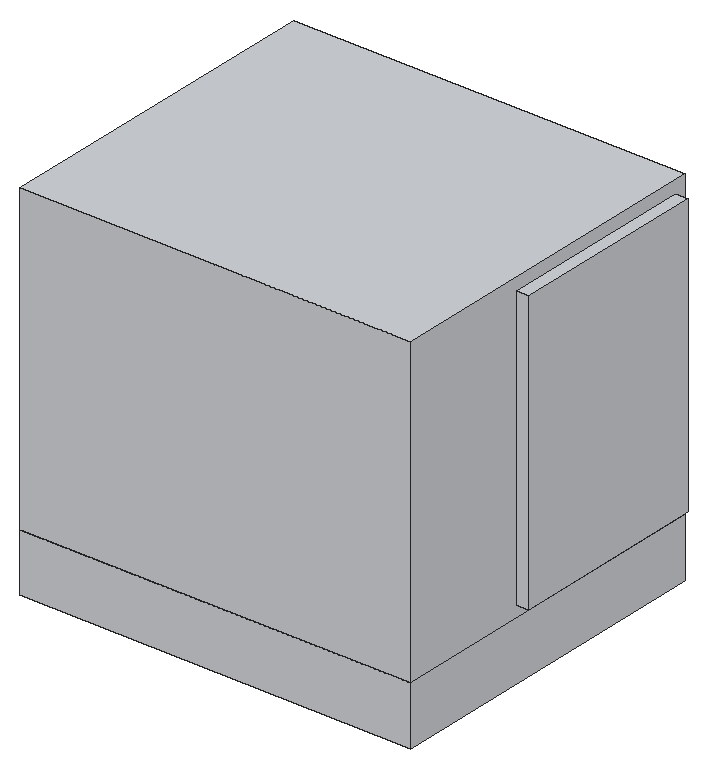
Revit family "Filtro AHU - Cartucho - HDT", category Equipamento mecânico, Revit 2019
Family settings
  Cota do conector redondo = Utilizar diâmetro
  Tipo de parte = Normal
  ID de item do Seek = AHU Filter - Cartridge-0000-CAN-ENU
  Com base no plano de trabalho = Não
  Sempre na vertical = Sim
  Corte com vazios quando carregada = Não
  Compartilhado = Não
  Ponto de cálculo do ambiente = Não
Parameters (values of type "Padrão")
  Material base = none
  Queda de pressão do ar [instance] = 125.0 Pa
  Largura do filtro = 700 mm
  Material do filtro = none
  Comprimento do filtro = 800 mm
  Altura do filtro = 745 mm
  Largura do duto = 800 mm
  Altura do duto = 625 mm
  Altura base = 120 mm
  Velocidade do ar [instance] = 2.54 m/s
  Fluxo de ar [instance] = Velocidade do ar * Altura do duto * Largura do duto  # 1270.0 L/s
Reference planes
  plane 1 "Parte frontal": y = 0
  plane 2: z = 0
  plane 3 "Centro (direita/esquerda)": x = 0
  plane 4: x = -400
  plane 5: x = 400
  plane 6 "Parte posterior": y = 700
  plane 7 "Superior": z = 745
  plane 8: y = 674.6
  plane 9: z = 719.6
  plane 10: z = 25.4
  plane 11: y = 268.2
  plane 12 "Direita": x = 425.4
  plane 13 "Esquerda": x = -425.4
  plane 14: x = -400
  plane 15: x = 400
  plane 16 "Inferior": z = 0
  plane 17 "Base": z = 120
  plane 18: z = 145
  plane 19 "Centro (Frente/Trás)": y = 350
Forms (mm)
  Extrusion 1, solid, material <- "Material do filtro", detail levels medium+fine
    sketch origin (0, 0, 0) x (1, 0, 0) y (0, 1, 0)
      loop
        line (-400, 700) -> (-400, 0) -> (400, 0) -> (400, 700) -> (-400, 700)
    from 120 to 745
  Extrusion 2, solid, material <- "Material do filtro", detail levels medium+fine
    sketch origin (0, 0, 0) x (0, 1, 0) y (0, 0, 1)
      loop
        line (268.2, 719.6) -> (268.2, 145) -> (674.6, 145) -> (674.6, 719.6) -> (268.2, 719.6)
    from 400 to 425.4
  Extrusion 3, solid, material <- "Material do filtro", detail levels medium+fine
    sketch origin (0, 0, 0) x (0, 1, 0) y (0, 0, 1)
      loop
        line (674.6, 719.6) -> (268.2, 719.6) -> (268.2, 145) -> (674.6, 145) -> (674.6, 719.6)
    from -425.4 to -400
  Extrusion 4, solid, material <- "Material do filtro", detail levels coarse
    sketch origin (0, 0, 0) x (1, 0, 0) y (0, 1, 0)
      loop
        line (-425.4, 700) -> (-425.4, 0) -> (425.4, 0) -> (425.4, 700) -> (-425.4, 700)
    from 120 to 745
  Extrusion 5, solid, material <- "Material base"
    sketch origin (0, 0, 0) x (1, 0, 0) y (0, 1, 0)
      loop
        line (-400, 700) -> (-400, 0) -> (400, 0) -> (400, 700) -> (-400, 700)
    from 0 to 120
Cuts and joins
  joined: Extrusion 1, Extrusion 2, Extrusion 3
Dimensions and locks
  "Largura do filtro": plane 6 "Parte posterior" to plane 1 "Parte frontal"
  "Altura do filtro": plane 7 "Superior" to plane 2
  locked: plane 8 to plane 6 "Parte posterior" at 25.4
  locked: plane 7 "Superior" to plane 9 at 25.4
  locked: plane 10 to plane 2 at 25.4
  locked: plane 11 to plane 8 at 406.4
  locked: plane 5 to plane 12 "Direita" at 25.4
  locked: plane 13 "Esquerda" to plane 4 at 25.4
  "Altura base": plane 17 "Base" to plane 16 "Inferior"
  locked: plane 18 to plane 17 "Base" at 25
  equal spacing: plane 12 "Direita", plane 3 "Centro (direita/esquerda)", plane 13 "Esquerda"
  "Comprimento do filtro": plane 5 to plane 4
  equal spacing: plane 6 "Parte posterior", plane 19 "Centro (Frente/Trás)", plane 1 "Parte frontal"
  aligned and locked: plane 7 "Superior" to Extrusion 1
  aligned and locked: plane 1 "Parte frontal" to Extrusion 1
  aligned and locked: plane 6 "Parte posterior" to Extrusion 1
  aligned and locked: plane 12 "Direita" to Extrusion 2
  aligned and locked: plane 8 to Extrusion 2
  aligned and locked: Extrusion 2 to plane 5
  aligned and locked: Extrusion 2 to plane 11
  aligned and locked: Extrusion 3 to plane 13 "Esquerda"
  aligned and locked: plane 8 to Extrusion 3
  aligned and locked: plane 4 to Extrusion 3
  aligned and locked: Extrusion 3 to plane 11
  aligned and locked: Extrusion 4 to plane 13 "Esquerda"  (x2)
  aligned and locked: plane 6 "Parte posterior" to Extrusion 4
  aligned and locked: plane 12 "Direita" to Extrusion 4
  aligned and locked: plane 1 "Parte frontal" to Extrusion 4
  aligned and locked: plane 6 "Parte posterior" to cut or joined group of Extrusion 1, Extrusion 2, Extrusion 3
  aligned and locked: plane 1 "Parte frontal" to cut or joined group of Extrusion 1, Extrusion 2, Extrusion 3
  aligned and locked: plane 7 "Superior" to Extrusion 4
  aligned and locked: Extrusion 2 to Extrusion 3
  aligned and locked: Extrusion 4 to plane 17 "Base"
  aligned and locked: cut or joined group of Extrusion 1, Extrusion 2, Extrusion 3 to plane 17 "Base"
  aligned and locked: plane 17 "Base" to Extrusion 5
  aligned and locked: Extrusion 5 to plane 16 "Inferior"
Automatic sketch dimensions
  Extrusion 1 sketch curve to plane 4 = 0 mm
  plane 1 "Parte frontal" to Extrusion 1 sketch curve = 0 mm
  Extrusion 1 sketch curve to plane 5 = 0 mm
  Extrusion 1 sketch curve to plane 6 "Parte posterior" = 0 mm
  Extrusion 2 sketch curve to plane 9 = 0 mm
  Extrusion 2 sketch curve to plane 11 = 0 mm
  Extrusion 2 sketch curve to plane 8 = 0 mm
  Extrusion 2 sketch curve to plane 18 = 0 mm
  Extrusion 3 sketch curve to plane 9 = 0 mm
  Extrusion 3 sketch curve to plane 11 = 0 mm
  Extrusion 3 sketch curve to plane 8 = 0 mm
  Extrusion 3 sketch curve to plane 18 = 0 mm
  Extrusion 4 sketch curve to plane 6 "Parte posterior" = 0 mm
  Extrusion 4 sketch curve to plane 13 "Esquerda" = 0 mm
  plane 1 "Parte frontal" to Extrusion 4 sketch curve = 0 mm
  Extrusion 4 sketch curve to plane 12 "Direita" = 0 mm
  Extrusion 5 sketch curve to plane 4 = 0 mm
  plane 1 "Parte frontal" to Extrusion 5 sketch curve = 0 mm
  Extrusion 5 sketch curve to plane 5 = 0 mm
  Extrusion 5 sketch curve to plane 6 "Parte posterior" = 0 mm
Connectors
  hvac at (0, 0, 432.5), driven by "Fluxo de ar", driven by "Altura do duto", driven by "Largura do duto"
    settings: on cut or joined group of Extrusion 1, Extrusion 2, Extrusion 3, index 1, duct flow 1270.0 L/s, flow factor 0, pres drop 0.0 Pa, loss coef 0, conn angle 0.00°, conn width 800 mm, conn height 625 mm, conn diameter 609.6 mm, duct sys type 1, conn prof type 1, flow config 0, flow direction 0, loss method 0, conn ref index 2, conn util no, is conn primary yes, conn desc ""
  hvac at (0, 700, 432.5), driven by "Fluxo de ar", driven by "Altura do duto", driven by "Largura do duto", driven by "Queda de pressão do ar"
    settings: on cut or joined group of Extrusion 1, Extrusion 2, Extrusion 3, index 2, duct flow 1270.0 L/s, flow factor 0, pres drop 125.0 Pa, loss coef 0, conn angle 0.00°, conn width 800 mm, conn height 625 mm, conn diameter 609.6 mm, duct sys type 1, conn prof type 1, flow config 0, flow direction 0, loss method 4, conn ref index 1, conn util no, is conn primary no, conn desc ""
Types in the file's own list only (18): name | Comprimento do filtro | Altura do filtro | Largura do duto | Altura do duto
  Para 0.24 metros quadrados de serpentina | 800 mm | 745 mm | 800 mm | 625 mm
  Para 0.31 metros quadrados de serpentina | 975 mm | 745 mm | 975 mm | 625 mm
  Para 0.47 metros quadrados de serpentina | 1325 mm | 745 mm | 1325 mm | 625 mm
  Para 0.67 metros quadrados de serpentina | 1325 mm | 920 mm | 1325 mm | 800 mm
  Para 0.78 metros quadrados de serpentina | 1500 mm | 920 mm | 1500 mm | 800 mm
  Para 0.98 metros quadrados de serpentina | 1500 mm | 1095 mm | 1500 mm | 975 mm
  Para 1.13 metros quadrados de serpentina | 1675 mm | 1095 mm | 1675 mm | 975 mm
  Para 1.57 metros quadrados de serpentina | 1850 mm | 1270 mm | 1850 mm | 1150 mm
  Para 1.88 metros quadrados de serpentina | 1675 mm | 1620 mm | 1675 mm | 1500 mm
  Para 2.12 metros quadrados de serpentina | 1850 mm | 1620 mm | 1850 mm | 1500 mm
  Para 2.44 metros quadrados de serpentina | 2025 mm | 1795 mm | 2025 mm | 1675 mm
  Para 2.88 metros quadrados de serpentina | 2025 mm | 1970 mm | 2025 mm | 1850 mm
  Para 3.17 metros quadrados de serpentina | 2200 mm | 1970 mm | 2200 mm | 1850 mm
  Para 3.46 metros quadrados de serpentina | 2375 mm | 1970 mm | 2375 mm | 1850 mm
  Para 3.86 metros quadrados de serpentina | 2375 mm | 2145 mm | 2375 mm | 2025 mm
  Para 4.19 metros quadrados de serpentina | 2375 mm | 2320 mm | 2375 mm | 2200 mm
  Para 5.25 metros quadrados de serpentina | 2900 mm | 2320 mm | 2900 mm | 2200 mm
  Para 6.16 metros quadrados de serpentina | 2900 mm | 2670 mm | 2900 mm | 2550 mm
